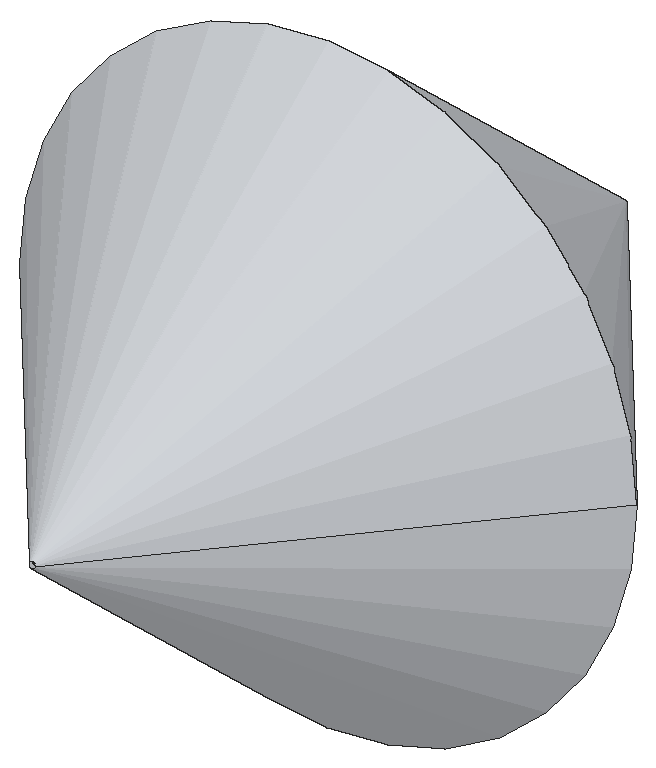
Revit family "Routing Connector Point", category Generic Models, Revit 2022
Family settings
  Can host rebar = No
  Round Connector Dimension = Use Diameter
  Part Type = Normal
  Work Plane-Based = No
  Always vertical = Yes
  Cut with Voids When Loaded = No
  Maintain Annotation Orientation = No
  Shared = No
  Room Calculation Point = No
Parameters
  直径2 = 1 mm
  直径 [instance] = 100 mm
  Default Elevation = 0 mm
Reference planes
  plane 1 "中心(正面/背面)": y = 0
  plane 2: z = 0
  plane 3 "中心(左/右)": x = 0
Forms (mm)
  Blend 1, solid
    base sketch origin (0, 0, 0) x (1, 0, 0) y (0, 0, 1)
      loop
        circle (0, 0) r 50
    top sketch origin (0, 0, 0) x (1, 0, 0) y (0, 0, 1)
      loop
        circle (0, 0) r 0.5
    from 0 to 60
  Blend 2, solid
    base sketch origin (0, 0, 0) x (1, 0, 0) y (0, 0, -1)
      loop
        circle (0, 0) r 50
    top sketch origin (0, 0, 0) x (1, 0, 0) y (0, 0, -1)
      loop
        circle (0, 0) r 0.5
    from 0 to 60
Cuts and joins
  joined: Blend 1, Blend 2
Dimensions and locks
  "直径": diameter of Blend 1 sketch curve
  "直径2": diameter of Blend 1 sketch curve
  "直径": diameter of Blend 2 sketch curve
  "直径2": diameter of Blend 2 sketch curve
  aligned and locked: level to plane 2
Automatic sketch dimensions
  Blend 1 sketch curve to level = 0 mm  (x2)
  Blend 1 sketch curve to plane 3 "中心(左/右)" = 0 mm  (x2)
  Blend 2 sketch curve to level = 0 mm  (x2)
  Blend 2 sketch curve to plane 3 "中心(左/右)" = 0 mm  (x2)
